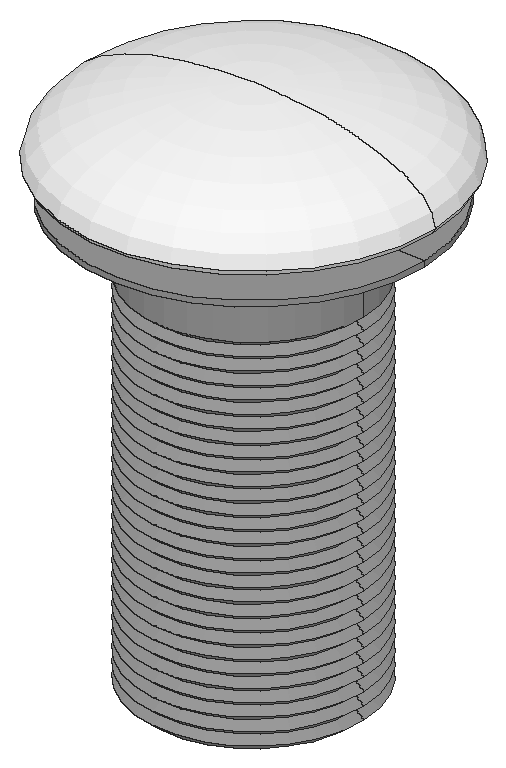
Revit family "BUILDMAT-POPCONWH-32mm_Concrete_Pop_Up_Waste-Sea_Salt_White", category Plumbing Fixtures, Revit 2026
Family settings
  Round Connector Dimension = Use Diameter
  Part Type = Normal
  Work Plane-Based = Yes
  Enable Cutting in Views = Yes
  Always vertical = Yes
  Cut with Voids When Loaded = Yes
  Maintain Annotation Orientation = No
  Shared = No
  Room Calculation Point = No
Parameters
  Width = 66 mm
  PopUp_Material = BUILDMAT Sea Salt White
  MainBody_Material = BUILDMAT Stainless Steel
  Lock_Material = BUILDMAT Brass Gold
  Depth = 66 mm
  Default Elevation = 1219.2 mm
Reference planes
  plane 1 "Center (Front/Back)": y = 0
  plane 2: z = 0
  plane 3 "Center (Left/Right)": x = 0
  plane 4: x = -33
  plane 5: x = 33
  plane 6: y = 33
  plane 7: y = -33
  plane 8: z = 1
  plane 9: z = -5
  plane 10: z = -12
  plane 11: z = -78.68
  plane 12: z = 19
Forms (mm)
  Revolve 1, solid, material "BUILDMAT Stainless Steel" <- "MainBody_Material"
    sketch origin (0, 0, -0.397) x (1, 0, 0) y (0, 0, 1)
      loop
        line (0, 1.248) -> (0, -11.603) -> (-19.988, -11.603) -> (-19.988, -3.848)
        arc (-19.988, -3.848) -> (-20.47, -2.811) -> (-21.441, -2.207) r 2
        line (-21.441, -2.207) -> (-31, 0.397) -> (-31, 1.397) -> (0, 1.397)
      axis (0, 1.397) -> (0, -11.603)
    angle from 0 to 360
  Revolve 2, solid, material "BUILDMAT Stainless Steel" <- "MainBody_Material"
    sketch origin (0, 0, -4.369) x (1, 0, 0) y (0, 0, 1)
      loop
        line (0, -7.631) -> (-19.952, -7.631) -> (-18.463, -8.794) -> (-19.958, -9.962) -> (-18.463, -11.131) -> (-19.958, -12.299) -> (-18.463, -13.467) -> (-19.958, -14.635) -> (-18.463, -15.803) -> (-19.958, -16.971) -> (-18.463, -18.139) -> (-19.958, -19.308) -> (-18.463, -20.476) -> (-19.958, -21.644) -> (-18.463, -22.812) -> (-19.958, -23.98) -> (-18.463, -25.148) -> (-19.958, -26.316) -> (-18.463, -27.485) -> (-19.958, -28.653) -> (-18.463, -29.821) -> (-19.958, -30.989) -> (-18.463, -32.157) -> (-19.958, -33.325) -> (-18.463, -34.493) -> (-19.958, -35.662) -> (-18.463, -36.83) -> (-19.958, -37.998) -> (-18.463, -39.166) -> (-19.958, -40.334) -> (-18.463, -41.502) -> (-19.958, -42.67) -> (-18.463, -43.839) -> (-19.958, -45.007) -> (-18.463, -46.175) -> (-19.958, -47.343) -> (-18.463, -48.511) -> (-19.958, -49.679) -> (-18.463, -50.847) -> (-19.958, -52.016) -> (-18.463, -53.184) -> (-19.958, -54.352) -> (-18.463, -55.52) -> (-19.958, -56.688) -> (-18.463, -57.856) -> (-19.958, -59.024) -> (-18.463, -60.193) -> (-19.958, -61.361) -> (-18.463, -62.529) -> (-19.958, -63.697) -> (-18.463, -64.865) -> (-19.958, -66.033) -> (-18.463, -67.201) -> (-19.958, -68.369) -> (-18.463, -69.538) -> (-19.958, -70.706) -> (-18.463, -71.874) -> (-19.958, -73.042) -> (-18.334, -74.311) -> (0, -74.311) -> (0, -7.631)
      axis (0, -7.631) -> (0, -74.311)
    angle from 0 to 360
  Extrusion 3, solid, material "BUILDMAT Brass Gold" <- "Lock_Material"
    sketch origin (0, 0, 0) x (1, 0, 0) y (0, 1, 0)
      loop
        circle (0, 0) r 14.5
    from 1 to 6
  Revolve 4, solid, material "BUILDMAT Sea Salt White" <- "PopUp_Material"
    sketch origin (0, 0, 6) x (1, 0, 0) y (0, 0, 1)
      loop
        line (0, 0) -> (0, 13)
        spline (0, 13) -> (-4.307, 12.896) -> (-8.541, 12.587) -> (-12.629, 12.076) -> (-16.5, 11.374) -> (-20.089, 10.493) -> (-23.335, 9.446) -> (-26.181, 8.253) -> (-28.579, 6.933) -> (-30.488, 5.509) -> (-31.876, 4.007) -> (-32.718, 2.45) -> (-33, 0.866)
        line (-33, 0.866) -> (-32.5, 0) -> (0, 0)
      axis (0, 13) -> (0, 0)
    angle from 0 to 360
Text (mm)
  text "Refer to www.buildmat.com.au for the most current product literature. \nAllow a +/- 5mm tolerance for dimensions shown in the product literature. \nPlease note product details are subject to change due to ongoing product development." at (-1.255, -131.559, 0), in view "Ref. Level"
Dimensions and locks
  "Width": plane 4 to plane 5
  "Depth": plane 6 to plane 7
  plane 8 to plane 11 = 79.68 mm
  equal spacing: plane 6, plane 1 "Center (Front/Back)", plane 7
  equal spacing: plane 4, plane 3 "Center (Left/Right)", plane 5
  aligned and locked: level to plane 2
Automatic sketch dimensions
  Revolve 1 sketch curve to level = 0 mm
  Revolve 1 sketch curve to plane 3 "Center (Left/Right)" = 0 mm  (x3)
  Revolve 1 sketch curve to level = 4.245 mm
  plane 4 to Revolve 1 sketch curve = 13.012 mm
  Revolve 1 sketch curve to level = 2.604 mm
  Revolve 1 sketch curve to Revolve 1 sketch curve = 1.453 mm
  Revolve 1 sketch curve to Revolve 1 sketch curve = 1.979 mm
  plane 4 to Revolve 1 sketch curve = 2 mm
  Revolve 1 sketch curve to level = 12 mm
  Revolve 1 sketch curve to Revolve 1 sketch curve = 1 mm
  Revolve 1 sketch curve to Revolve 1 sketch curve = 0 mm
  Revolve 1 sketch curve to Revolve 1 sketch curve = 0.149 mm
  Revolve 1 sketch curve to Revolve 1 sketch curve = 0.245 mm
  Revolve 2 sketch curve to plane 3 "Center (Left/Right)" = 0 mm  (x2)
  plane 4 to Revolve 2 sketch curve = 14.666 mm
  plane 4 to Revolve 2 sketch curve = 14.537 mm  (x2)
  Revolve 2 sketch curve to Revolve 2 sketch curve = 0.129 mm
  Revolve 2 sketch curve to Revolve 2 sketch curve = 0 mm  (x25)
  Revolve 2 sketch curve to Revolve 2 sketch curve = 1.489 mm
  Revolve 2 sketch curve to Revolve 2 sketch curve = 1.495 mm  (x28)
  Revolve 2 sketch curve to level = 78.68 mm
  Revolve 2 sketch curve to Revolve 2 sketch curve = 1.269 mm
  Revolve 2 sketch curve to Revolve 2 sketch curve = 1.168 mm  (x55)
  Revolve 2 sketch curve to level = 12 mm
  Revolve 2 sketch curve to Revolve 2 sketch curve = 0.1 mm
  Revolve 2 sketch curve to Revolve 2 sketch curve = 0.211 mm
  plane 1 "Center (Front/Back)" to Extrusion 3 sketch curve = 0 mm
  Extrusion 3 sketch curve to plane 3 "Center (Left/Right)" = 0 mm
  Revolve 4 sketch curve to plane 4 = 0 mm
  Revolve 4 sketch curve to plane 3 "Center (Left/Right)" = 0 mm  (x2)
  plane 4 to Revolve 4 sketch curve = 0.5 mm
  level to Revolve 4 sketch curve = 6 mm
  Revolve 4 sketch curve to Revolve 4 sketch curve = 0.866 mm
  Revolve 4 sketch curve to Revolve 4 sketch curve = 12.134 mm
  Revolve 4 sketch curve to Revolve 4 sketch curve = 0 mm  (x2)
  radius of Extrusion 3 sketch curve = 14.5 mm
